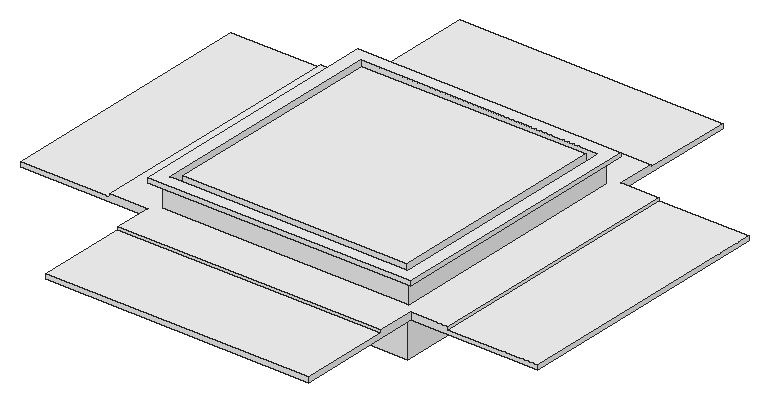
Revit family "Specialty_Door-Acudor-Flush-PS-5030_Series", category Specialty Equipment, host Face, Revit 2014
Parameters (values of type "PS-5030 6x6")
  Width = 6"
  Wall Mounted = not(Ceiling Mounted)  # yes
  URL = "http://acudor.com/"
  Type Comments = ""
  Torx Cam Latch = no
  Spanner Head Cam Latch = no
  Single Latch Visibility = not(Array Visibility)  # yes
  Rim Cylinder Lock = no
  Product Page URL = "https://acudor.com/products/specialty-access-doors/ps-5030"
  Product Documentation Link = "https://acudor.com/images/acudor/accessdoors/specialty/PS5030/PS-5030_PS.pdf"
  Placeholder = 1
  Mortise Cylinder Lock (Prepare for/or Installed) = no
  Model = "PS-5030 6x6"
  Material = "Steel-Acudor-White Alkyd Enamel"  # constant formula
  Manufacturer = "Acudor"
  Length = 2"  # constant formula
  Latch Spacing = if(Placeholder < 1.5, Height / 3, if(Placeholder < 2.5, Height / 3, if(Placeholder < 3.5, Height / 3, if(Placeholder < 4.5, Height / 3, if(Placeholder < 5.5, Height / 3, if(Placeholder < 6.5, Height / 2, if(Placeholder < 7.5, Height / 2, if(Placeholder < 8.5, Height / 4, if(Placeholder < 9.5, Height / 4, if(Placeholder < 10.5, Height / 5, if(Placeholder < 11.5, Height / 5, Height / 5)))))))))))  # 2"
  Latch Count = if(Placeholder < 1.5, 1.5, if(Placeholder < 2.5, 1.5, if(Placeholder < 3.5, 1.5, if(Placeholder < 4.5, 1.5, if(Placeholder < 5.5, 1.5, if(Placeholder < 6.5, 2, if(Placeholder < 7.5, 2, if(Placeholder < 8.5, 4, if(Placeholder < 9.5, 4, if(Placeholder < 10.5, 5, if(Placeholder < 11.5, 5, 5)))))))))))  # 2
  Installation Type = if(Wall Mounted, "Wall Mounted", "Ceiling Mounted")  # "Wall Mounted"
  Height = 6"
  First Offset = Latch Spacing / 2  # 1"
  Finish = Steel-Acudor-14 Gauge-White Alkyd Enamel
  Description = "Flush Access Door for Plaster Walls & Ceilings"  # constant formula
  Default Elevation = 48"
  Cylinder Lock = no
  Ceiling Mounted = no
  Assembly Code = "C1020700"
  Array Visibility = Placeholder > 2  # no
  Allen Head Cam Latch = no
Types (13): name | Width | Single Latch Visibility | Placeholder | Model | Latch Spacing | Latch Count | Height | First Offset | Array Visibility
  (no name) | 6" | yes | 1 | "PS-5030 6x6" | 2" | 2 | 6" | 1" | no
  PS-5030 12x12 | 12" | yes | 2 | "PS-5030 12x12" | 4" | 2 | 12" | 2" | no
  PS-5030 6x6 | 6" | yes | 1 | "PS-5030 6x6" | 2" | 2 | 6" | 1" | no
  PS-5030 8x8 | 8" | yes | 2 | "PS-5030 8x8" | 2.66667" | 2 | 8" | 1.33333" | no
  PS-5030 10x10 | 10" | yes | 2 | "PS-5030 10x10" | 3.33333" | 2 | 10" | 1.66667" | no
  PS-5030 14x14 | 14" | yes | 2 | "PS-5030 14x14" | 4.66667" | 2 | 14" | 2.33333" | no
  PS-5030 16x16 | 16" | no | 6 | "PS-5030 16x16" | 8" | 2 | 16" | 4" | yes
  PS-5030 18x18 | 18" | no | 7 | "PS-5030 18x18" | 9" | 2 | 18" | 4 1/2" | yes
  PS-5030 22x22 | 22" | no | 8 | "PS-5030 22x22" | 5 1/2" | 4 | 22" | 2 3/4" | yes
  PS-5030 24x24 | 24" | no | 9 | "PS-5030 24x24" | 6" | 4 | 24" | 3" | yes
  PS-5030 24x36 | 24" | no | 10 | "PS-5030 24x36" | 7.2" | 5 | 36" | 3.6" | yes
  PS-5030 30x30 | 30" | no | 11 | "PS-5030 30x30" | 6" | 5 | 30" | 3" | yes
  PS-5030 36x36 | 36" | no | 12 | "PS-5030 36x36" | 7.2" | 5 | 36" | 3.6" | yes
Reference planes (in)
  plane 1 "Center (Front/Back)": y = 0
  plane 2: z = 0
  plane 3 "Center (Left/Right)": x = 0
  plane 4: y = 6.5
  plane 5: y = -6.5
  plane 6: x = 6.5
  plane 7: x = -6.5
  plane 8: y = 3
  plane 9: y = -3
  plane 10: x = 3
  plane 11: x = -3
  plane 12: z = -2
  plane 13: z = -0.75
  plane 14: x = 1.49388
  plane 15: y = 4.25
  plane 16: y = 2
Forms (in)
  Sweep 1, solid, material "Steel-Acudor-14 Gauge-White Alkyd Enamel" <- "Finish"
    path origin (0, 0, 0) x (1, 0, 0) y (0, 1, 0)
      loop
        line (-3, 3) -> (-3, -3) -> (3, -3) -> (3, 3) -> (-3, 3)
    profile origin (0, 3, 0) x (0, 1, 0) y (0, 0, 1)
      loop
        line (0, 0) -> (0, -0.25) -> (-0.18893, -0.25) -> (-0.18893, 0) -> (-2, 0) -> (-2, -2) -> (0, -2) -> (0, -0.87356) -> (3.5, -0.87356) -> (3.5, -0.75) -> (1.25, -0.75) -> (1.25, -0.6875) -> (0.09188, -0.6875) -> (0.09188, -0.09723) -> (0.3047, -0.09723) -> (0.3047, 0) -> (0, 0)
  Extrusion 2, void
    sketch origin (0, 0, 0) x (1, 0, 0) y (0, 1, 0)
      loop
        line (-3.3047, 3.3047) -> (-3.3047, -3.3047) -> (3.3047, -3.3047) -> (3.3047, 3.3047) -> (-3.3047, 3.3047)
    from -2 to 0
  Extrusion 3, void
    sketch origin (0, 0, 0) x (1, 0, 0) y (0, 1, 0)
      loop
        line (-6.5, -6.5) -> (-3.3047, -6.5) -> (-3.3047, -3.3047) -> (-6.5, -3.3047) -> (-6.5, -6.5)
      loop
        line (3.3047, -3.3047) -> (3.3047, -6.5) -> (6.5, -6.5) -> (6.5, -3.3047) -> (3.3047, -3.3047)
      loop
        line (-6.5, 6.5) -> (-6.5, 3.3047) -> (-3.3047, 3.3047) -> (-3.3047, 6.5) -> (-6.5, 6.5)
      loop
        line (3.3047, 3.3047) -> (6.5, 3.3047) -> (6.5, 6.5) -> (3.3047, 6.5) -> (3.3047, 3.3047)
    from -2 to 0
  Extrusion 4, solid, material "Steel-Acudor-14 Gauge-White Alkyd Enamel" <- "Finish"
    sketch origin (0, 0, 0) x (1, 0, 0) y (0, 1, 0)
      loop
        line (-1, 1) -> (-1, -1) -> (1, -1) -> (1, 1) -> (-1, 1)
    from -2 to 0
Cuts and joins
  Extrusion 3 cuts Sweep 1
  joined: Sweep 1, Extrusion 4
Lines and regions (in)
  Masking region 1
    outline origin (0, 0, 0) x (1, 0, 0) y (0, 0, 1)
      loop
        line (3.02832, -0.09723) -> (3.3047, -0.09723) -> (3.3047, 0) -> (-3.3047, 0) -> (-3.3047, -0.09723) -> (-3.02832, -0.09723) -> (-3.02832, -0.6875) -> (-4.25, -0.6875) -> (-4.25, -0.75) -> (-6.5, -0.75) -> (-6.5, -0.87356) -> (-3.02832, -0.87356) -> (-3.02832, -2) -> (3.02832, -2) -> (3.02832, -0.87356) -> (6.5, -0.87356) -> (6.5, -0.75) -> (4.25, -0.75) -> (4.25, -0.6875) -> (3.02832, -0.6875) -> (3.02832, -0.09723)
  model lines, visible <- "Single Latch Visibility"
    curve 1: circle (1.49388, 0, 0) r 0.25 normal (0, 0, 1)
    curve 2: line (1.49388, 0.09078, 0) -> (1.49388, -0.09078, 0)
  symbolic lines, detail levels medium+fine
    curve 3: line (3.02832, 0, -0.87356) -> (-3.02832, 0, -0.87356)
    curve 4: line (4.25, 0, -0.75) -> (-4.25, 0, -0.75)
    curve 5: line (3.02832, 0, -0.6875) -> (-3.02832, 0, -0.6875)
    curve 6: line (-3.02832, 0, -0.09723) -> (3.02832, 0, -0.09723)
Dimensions and locks (in)
  "Height": plane 8 to plane 9
  equal spacing: plane 11, plane 3 "Center (Left/Right)", plane 10
  "Width": plane 11 to plane 10
  locked: plane 4 to plane 8 at 3.5
  locked: plane 5 to plane 9 at 3.5
  locked: plane 7 to plane 11 at 3.5
  locked: plane 10 to plane 6 at 3.5
  "Length": plane 12 to level
  locked: plane 13 to level at 0.75
  locked: plane 14 to plane 10 at 1.50612
  equal spacing: plane 8, plane 1 "Center (Front/Back)", plane 9
  locked: Sweep 1 sketch curve to plane 13 at 0.12356
  locked: level to Sweep 1 sketch curve at 0.09723
  locked: level to Sweep 1 sketch curve at 0.25
  locked: plane 8 to Sweep 1 sketch curve at 0.18893
  locked: Sweep 1 sketch curve to plane 8 at 0.3047
  locked: plane 15 to plane 8 at 1.25
  locked: plane 13 to Sweep 1 sketch curve at 0.0625
  locked: plane 8 to Sweep 1 sketch curve at 2
  "First Offset": plane 8 to plane 16
  group 1 to group 2 = 0"  (x2)
  group 2 to group 1 = 2"
  "Latch Spacing": nested 2 to plane 16
  equal spacing: curve 2, plane 1 "Center (Front/Back)", curve 2
  locked: curve 2 to curve 2 at 0.18156
  diameter of curve 1 = 1/2"
  aligned and locked: plane 2 to host face
  aligned and locked: level to host face
  aligned and locked: plane 6 to Masking region 1 sketch curve
  aligned and locked: Masking region 1 sketch curve to plane 13
  aligned and locked: Masking region 1 sketch curve to Masking region 1 sketch curve  (x2)
  aligned and locked: host face to Masking region 1 sketch curve
  aligned and locked: plane 12 to Masking region 1 sketch curve
  aligned and locked: plane 13 to Masking region 1 sketch curve
  aligned and locked: Masking region 1 sketch curve to plane 7
  aligned and locked: Sweep 1 sketch curve to plane 8  (x2)
  aligned and locked: Sweep 1 sketch curve to plane 11
  aligned and locked: Sweep 1 sketch curve to plane 9
  aligned and locked: Sweep 1 sketch curve to plane 10
  aligned and locked: host face to Extrusion 2
  aligned and locked: plane 12 to Sweep 1 sketch curve
  aligned and locked: level to Sweep 1 sketch curve  (x2)
  aligned and locked: plane 8 to Sweep 1 sketch curve
  aligned and locked: plane 4 to Sweep 1 sketch curve
  aligned and locked: Sweep 1 sketch curve to plane 13
  aligned and locked: plane 15 to Sweep 1 sketch curve
  aligned and locked: Extrusion 3 sketch curve to Sweep 1  (x10)
  aligned and locked: Sweep 1 to Extrusion 3 sketch curve  (x6)
  aligned and locked: plane 12 to Extrusion 3
  aligned and locked: level to Extrusion 3
  aligned and locked: Extrusion 4 sketch curve to cut or joined group of Sweep 1, Extrusion 3, Extrusion 4  (x4)
  aligned and locked: cut or joined group of Sweep 1, Extrusion 3, Extrusion 4 to Extrusion 4
  aligned and locked: host face to Extrusion 4
  aligned and locked: nested 1 to plane 16
  aligned and locked: plane 14 to nested 1
  aligned and locked: nested 2 to nested 1
  aligned and locked: plane 1 "Center (Front/Back)" to curve 1
  aligned and locked: plane 14 to curve 1
  aligned and locked: Masking region 1 sketch curve to cut or joined group of Sweep 1, Extrusion 3, Extrusion 4  (x10)
  aligned and locked: Masking region 1 to curve 6  (x2)
  aligned and locked: curve 5 to Masking region 1  (x2)
  aligned and locked: curve 4 to Masking region 1
  aligned and locked: Masking region 1 to curve 3
  aligned and locked: curve 3 to Masking region 1  (x2)
  aligned and locked: Masking region 1 to curve 4
  aligned and locked: Masking region 1 to curve 5
  aligned and locked: curve 6 to Masking region 1
  aligned and locked: plane 13 to curve 4
Automatic sketch dimensions
  host sketch curve to host sketch curve = 96"  (x2)
  plane 11 to Masking region 1 sketch curve = 0.02832"
  plane 10 to Masking region 1 sketch curve = 0.02832"
  plane 11 to Extrusion 2 sketch curve = 39/128"
  plane 10 to Extrusion 2 sketch curve = 39/128"
  plane 9 to Extrusion 2 sketch curve = 39/128"
  plane 8 to Extrusion 2 sketch curve = 39/128"
  Sweep 1 sketch curve to profile plane = 0.09188"
  curve 2 to curve 1 = 0"
Nested families (in)
  nested 1: "Family4" at (1.49388, 2, 0), visible <- "Array Visibility", type "Must Match "Model" Value"
  nested 2: "Family4" at (1.49388, 0, 0), visible <- "Array Visibility", type "Must Match "Model" Value"
Definition of nested family "Family4"
  Parameters (values of type "Must Match "Model" Value")
    Width = 0"
    Waste Connection Radius = 0"
    Waste Connection Height = 0"
    Waste Connection Diameter = 0"
    Waste Connection = no
    Warranty Information = ""
    Vent Connection = no
    Shipping Weight = 0.00 kip
    Revised Date = ""
    Product Page URL = ""
    Product Documentation Link = ""
    Price = "Prices may vary. Please consult Manufacturer Representative for most up-to-date price list."  # constant formula
    Material = ""
    Length = 0"
    Installation Type = ""
    IAPMO Compliance = ""
    Hot Water Connection Width = 0"
    Hot Water Connection Radius = 0"
    Hot Water Connection Height = 0"
    Hot Water Connection Diameter = 0"
    Height = 0"
    HW Connection = no
    Flush Rate = ""
    Flow Rate = ""
    Default Elevation = 0"
    Creation Date = ""
    Cold Water Connection Width = 0"
    Cold Water Connection Radius = 0"
    Cold Water Connection Height = 0"
    Cold Water Connection Diameter = Cold Water Connection Radius * 2  # 0"
    CW Connection = no
    Bowl Shape = ""
    Basin Shape = ""
    ADA Compliant = yes
  Reference planes (in)
    plane 1 "Center (Front/Back)": y = 0
    plane 2: z = 0
    plane 3 "Center (Left/Right)": x = 0
  Lines and regions (in)
    model lines
      curve 1: circle (0, 0, 0) r 0.25 normal (0, 0, 1)
      curve 2: line (0, 0.1324, 0) -> (0, -0.1324, 0)
  Dimensions and locks (in)
    equal spacing: curve 2, plane 1 "Center (Front/Back)", curve 2
    locked: curve 2 to curve 2 at 0.26479
